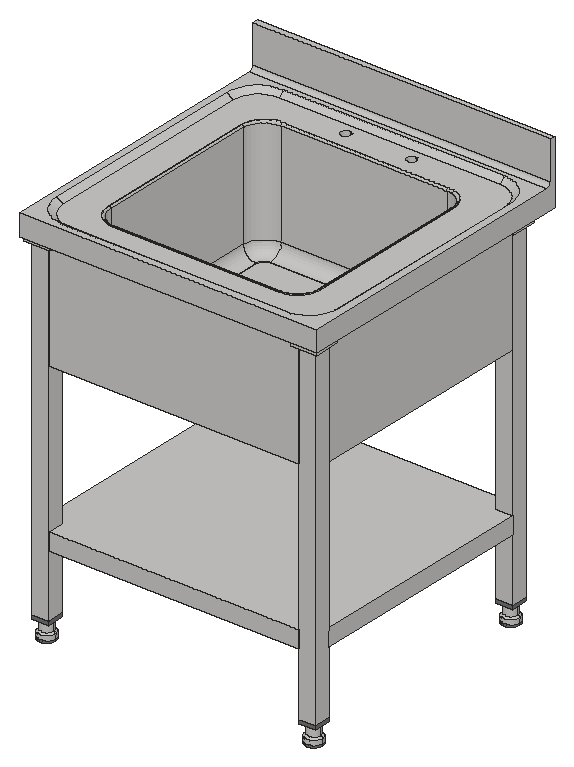
Revit family "QF_ELECTROLUXPROFESSIONAL_134109_LSGLG716E", category Attrezzature speciali, Revit 2020
Family settings
  Quota connettore circolare = Usa diametro
  Tipo di parte = Normale
  Basato su piano di lavoro = No
  Sempre verticale = Sì
  Taglio con vuoti quando caricato = No
  Condiviso = No
  Punto di calcolo locali = No
Parameters (values of type "Standard")
  Weight = 28.00 kg
  Watts = 0 W
  Volts = 0 V
  URL Manufacturer = "https://www.electroluxprofessional.com/"
  URL = "https://www.electroluxprofessional.com/"
  Steam Supply Size = 0 mm
  Steam Supply Minimum Pressure = 0.0 Pa
  Steam Supply Maximum Pressure = 0.0 Pa
  Steam Consumption per Hour = 0
  Refrigeration Suction Line Size = 0.0 mm
  Refrigeration Liquid Line Size = 0.0 mm
  Refrigerant Compressor Remote = yes
  Prospetto di default = 0.0 mm
  Phase = 0
  Modello = "LSGLG716E"
  Produttore = "Electrolux Professional"
  Length Actual = 700.0 mm  # constant formula
  Item Number = "134109"
  Hot Water Size = 0 mm
  Height Actual = 1000.0 mm  # constant formula
  HP = "0 HP"
  Gas Size = 0 mm
  Gas KW = 0
  Gas Input Pressure = 0 W
  Direct Waste Size = 0 mm
  Descrizione = "SINK UNIT 1 BOWL 700 MM WITH LOWER SHELF"
  Depth Actual = 700.0 mm  # constant formula
  Cycle = 0 Hz
  Condensate Return Size = 0 mm
  Compressed Air Volume = 0.0 L/s
  Compressed Air Size = 0 mm
  Compressed Air Pressure = 0.0 Pa
  Cold Water Size = 0 mm
  Accessory = yes
Reference planes
  plane 1 "Center (Front/Back)": y = 0
  plane 2: z = 0
  plane 3 "Center (Left/Right)": x = 150
  plane 4 "LEFT": x = -200
  plane 5 "RIGHT": x = 500
  plane 6 "BACK": y = 350
  plane 7 "FRONT": y = -350
  plane 8 "Base": z = 850
  plane 9 "TOP": z = 900
  plane 10 "Sink_Base": z = 608
  plane 11 "ScaricoX": x = 300
  plane 12 "ScaricoY": y = 127
  plane 13: z = 441
  plane 14: x = 227.5
  plane 15: y = 270
  plane 16: x = 72.5
Forms (mm)
  Extrusion 1, solid, material "QF_Finishes_Stainless Steel"
    sketch origin (150, 0, 0) x (0, 1, 0) y (0, 0, 1)
      loop
        line (-350, 850) -> (350, 850) -> (350, 1000) -> (337, 1000) -> (337, 910)
        arc (337, 910) -> (334.071, 902.929) -> (327, 900) r 10
        line (327, 900) -> (-350, 900) -> (-350, 850)
    from 350 to -350
  Extrusion 2, void
    sketch origin (0, 0, 900) x (0, 1, 0) y (-1, 0, 0)
      loop
        arc (-214, 100) -> (-252.891, 83.891) -> (-269, 45) r 55
        line (-269, 45) -> (-269, -345)
        arc (-269, -345) -> (-252.874, -383.908) -> (-213.951, -400) r 55
        line (-213.951, -400) -> (176.049, -400)
        arc (176.049, -400) -> (214.908, -383.874) -> (231, -345) r 55
        line (231, -345) -> (231, 45)
        arc (231, 45) -> (214.891, 83.891) -> (176, 100) r 55
        line (176, 100) -> (-214, 100)
    from 0 to -50
  Sweep 3, solid, material "QF_Finishes_Stainless Steel"
    path origin (0, 0, 900) x (0, 1, 0) y (-1, 0, 0)
      loop
        line (176, 100) -> (-214, 100)
        arc (-214, 100) -> (-252.891, 83.891) -> (-269, 45) r 55
        line (-269, 45) -> (-269, -345)
        arc (-269, -345) -> (-252.874, -383.908) -> (-213.951, -400) r 55
        line (-213.951, -400) -> (176.049, -400)
        arc (176.049, -400) -> (214.908, -383.874) -> (231, -345) r 55
        line (231, -345) -> (231, 45)
        arc (231, 45) -> (214.891, 83.891) -> (176, 100) r 55
    profile origin (-100, -19, 900) x (1, 0, 0) y (0, 0, 1)
      loop
        arc (5, -15) -> (3.536, -11.464) -> (0, -10) r 5
        line (0, -10) -> (0, -11.5)
        arc (0, -11.5) -> (2.475, -12.525) -> (3.5, -15) r 3.5
        line (3.5, -15) -> (3.5, -260.5)
        arc (3.5, -260.5) -> (12.726, -282.774) -> (35, -292) r 31.5
        line (35, -292) -> (35, -290.5)
        arc (35, -290.5) -> (13.787, -281.713) -> (5, -260.5) r 30
        line (5, -260.5) -> (5, -15)
  Extrusion 4, solid, material "QF_Finishes_Stainless Steel"
    sketch origin (0, 0, 608) x (0, -1, 0) y (1, 0, 0)
      loop
        arc (-196, -45) -> (-190.142, -59.142) -> (-176, -65) r 20
        line (-176, -65) -> (214, -65)
        arc (214, -65) -> (228.142, -59.142) -> (234, -45) r 20
        line (234, -45) -> (234, 345)
        arc (234, 345) -> (228.132, 359.153) -> (213.97, 365) r 20
        line (213.97, 365) -> (-176.03, 365)
        arc (-176.03, 365) -> (-190.153, 359.132) -> (-196, 345) r 20
        line (-196, 345) -> (-196, -45)
    from 0 to 1.5
  Extrusion 5, void
    sketch origin (0, 0, 608) x (0, -1, 0) y (1, 0, 0)
      loop
        circle (-127, 300) r 28
    from 32.343 to -63.145
  Revolve 6, solid, material "QF_Finishes_White"
    sketch origin (300, 0, 0) x (0, -1, 0) y (0, 0, 1)
      loop
        line (-143.5, 592.617) -> (-143.5, 578.5) -> (-142, 578.5) -> (-142, 593.449) -> (-153.558, 600.671) -> (-153.558, 608) -> (-155.058, 608) -> (-155.058, 599.84) -> (-143.5, 592.617)
      axis (-127, 608) -> (-127, 578.5)
    angle from 0 to 360
  Extrusion 7, void
    sketch origin (0, 0, 608) x (0, -1, 0) y (1, 0, 0)
      loop
        circle (-270, 227.5) r 11.5
      loop
        circle (-270, 72.5) r 11.5
    from 242 to 292
  Blend 8, void
    base sketch origin (0, 0, 900) x (0, 1, 0) y (-1, 0, 0)
      loop
        arc (314.887, 109.887) -> (292.92, 162.92) -> (239.887, 184.887) r 75
        line (239.887, 184.887) -> (-259.887, 184.887)
        arc (-259.887, 184.887) -> (-312.92, 162.92) -> (-334.887, 109.887) r 75
        line (-334.887, 109.887) -> (-334.887, -409.887)
        arc (-334.887, -409.887) -> (-312.92, -462.92) -> (-259.887, -484.887) r 75
        line (-259.887, -484.887) -> (239.887, -484.887)
        arc (239.887, -484.887) -> (292.92, -462.92) -> (314.887, -409.887) r 75
        line (314.887, -409.887) -> (314.887, 109.887)
    top sketch origin (0, 0, 900) x (0, 1, 0) y (-1, 0, 0)
      loop
        arc (299.887, 109.887) -> (282.313, 152.313) -> (239.887, 169.887) r 60
        line (239.887, 169.887) -> (-259.887, 169.887)
        arc (-259.887, 169.887) -> (-302.313, 152.313) -> (-319.887, 109.887) r 60
        line (-319.887, 109.887) -> (-319.887, -409.887)
        arc (-319.887, -409.887) -> (-302.313, -452.313) -> (-259.887, -469.887) r 60
        line (-259.887, -469.887) -> (239.887, -469.887)
        arc (239.887, -469.887) -> (282.313, -452.313) -> (299.887, -409.887) r 60
        line (299.887, -409.887) -> (299.887, 109.887)
    from 0 to -10
Cuts and joins
  Extrusion 2, Extrusion 7, Blend 8 cuts Extrusion 1
  Extrusion 5 cuts Extrusion 4
Lines and regions (mm)
  symbolic lines
    curve 1: line (500, 350, 900) -> (-200, 350, 900)
    curve 2: line (-200, 350, 900) -> (-200, -350, 900)
    curve 3: line (-200, -350, 900) -> (500, -350, 900)
    curve 4: line (500, -350, 900) -> (500, 350, 900)
    curve 5: line (500, 337, 900) -> (-200, 337, 900)
    curve 6: line (-109.887, 314.887, 608) -> (409.887, 314.887, 608)
    curve 7: arc (-109.887, 314.887, 608) -> (-162.92, 292.92, 608) -> (-184.887, 239.887, 608) r 75
    curve 8: line (-184.887, -259.887, 608) -> (-184.887, 239.887, 608)
    curve 9: arc (-184.887, -259.887, 608) -> (-162.92, -312.92, 608) -> (-109.887, -334.887, 608) r 75
    curve 10: line (409.887, -334.887, 608) -> (-109.887, -334.887, 608)
    curve 11: arc (409.887, -334.887, 608) -> (462.92, -312.92, 608) -> (484.887, -259.887, 608) r 75
    curve 12: line (484.887, 239.887, 608) -> (484.887, -259.887, 608)
    curve 13: arc (484.887, 239.887, 608) -> (462.92, 292.92, 608) -> (409.887, 314.887, 608) r 75
    curve 14: arc (400, 176.049, 608) -> (383.874, 214.908, 608) -> (345, 231, 608) r 55
    curve 15: line (-45, 231, 608) -> (345, 231, 608)
    curve 16: arc (-45, 231, 608) -> (-83.891, 214.891, 608) -> (-100, 176, 608) r 55
    curve 17: line (-100, -214, 608) -> (-100, 176, 608)
    curve 18: arc (-100, -214, 608) -> (-83.891, -252.891, 608) -> (-45, -269, 608) r 55
    curve 19: line (345, -269, 608) -> (-45, -269, 608)
    curve 20: arc (345, -269, 608) -> (383.908, -252.874, 608) -> (400, -213.951, 608) r 55
    curve 21: line (400, 176.049, 608) -> (400, -213.951, 608)
    curve 22: line (-45, 196, 608) -> (345, 196, 608)
    curve 23: arc (-45, 196, 608) -> (-59.142, 190.142, 608) -> (-65, 176, 608) r 20
    curve 24: line (-65, -214, 608) -> (-65, 176, 608)
    curve 25: line (345, -234, 608) -> (-45, -234, 608)
    curve 26: arc (-65, -214, 608) -> (-59.142, -228.142, 608) -> (-45, -234, 608) r 20
    curve 27: arc (345, -234, 608) -> (359.153, -228.132, 608) -> (365, -213.97, 608) r 20
    curve 28: line (365, 176.03, 608) -> (365, -213.97, 608)
    curve 29: arc (365, 176.03, 608) -> (359.132, 190.153, 608) -> (345, 196, 608) r 20
    curve 30: circle (300, 127, 608) r 28 normal (0, 0, 1)
    curve 31: circle (300, 127, 608) r 15 normal (0, 0, -1)
    curve 32: circle (72.5, 270, 608) r 11.5 normal (0, 0, 1)
    curve 33: circle (227.5, 270, 608) r 11.5 normal (0, 0, 1)
    curve 34: arc (-109.887, 299.887, 608) -> (-152.313, 282.313, 608) -> (-169.887, 239.887, 608) r 60
    curve 35: line (409.887, 299.887, 608) -> (-109.887, 299.887, 608)
    curve 36: line (-169.887, 239.887, 608) -> (-169.887, -259.887, 608)
    curve 37: arc (-169.887, -259.887, 608) -> (-152.313, -302.313, 608) -> (-109.887, -319.887, 608) r 60
    curve 38: line (-109.887, -319.887, 608) -> (409.887, -319.887, 608)
    curve 39: arc (409.887, -319.887, 608) -> (452.313, -302.313, 608) -> (469.887, -259.887, 608) r 60
    curve 40: line (469.887, -259.887, 608) -> (469.887, 239.887, 608)
    curve 41: arc (469.887, 239.887, 608) -> (452.313, 282.313, 608) -> (409.887, 299.887, 608) r 60
Dimensions and locks
  plane 4 "LEFT" to plane 5 "RIGHT" = 700.0 mm
  equal spacing: plane 4 "LEFT", plane 3 "Center (Left/Right)", plane 5 "RIGHT"
  locked: plane 8 "Base" to level at 850
  locked: Extrusion 1 to level at 1000
  plane 9 "TOP" to level = 900.0 mm
  plane 6 "BACK" to plane 7 "FRONT" = 700.0 mm
  equal spacing: plane 6 "BACK", plane 1 "Center (Front/Back)", plane 7 "FRONT"
  plane 10 "Sink_Base" to level = 608.0 mm
  locked: plane 6 "BACK" to plane 12 "ScaricoY" at 223
  locked: plane 11 "ScaricoX" to plane 5 "RIGHT" at 200
  plane 13 to level = 441.0 mm
  plane 6 "BACK" to plane 15 = 80.0 mm
  plane 16 to plane 14 = 155.0 mm
  equal spacing: plane 16, plane 3 "Center (Left/Right)", plane 14
  aligned and locked: level to plane 2
  aligned and locked: Extrusion 1 to plane 4 "LEFT"
  aligned and locked: plane 5 "RIGHT" to Extrusion 1
  aligned and locked: curve 2 to plane 4 "LEFT"
Automatic sketch dimensions
  Extrusion 1 sketch curve to plane 7 "FRONT" = 0.0 mm
  Extrusion 1 sketch curve to plane 9 "TOP" = 0.0 mm
  Extrusion 1 sketch curve to plane 6 "BACK" = 0.0 mm
  Extrusion 1 sketch curve to plane 8 "Base" = 0.0 mm
  plane 9 "TOP" to Extrusion 1 sketch curve = 10.0 mm
  Extrusion 1 sketch curve to plane 6 "BACK" = 13.0 mm
  Extrusion 1 sketch curve to Extrusion 1 sketch curve = 90.0 mm
  curve 3 to plane 7 "FRONT" = 0.0 mm
  curve 5 to plane 5 "RIGHT" = 0.0 mm
  curve 4 to plane 6 "BACK" = 0.0 mm
  curve 5 to plane 6 "BACK" = 13.0 mm
  Extrusion 2 sketch curve to Extrusion 2 sketch curve = 55.0 mm  (x4)
  Extrusion 2 sketch curve to Extrusion 2 sketch curve = 0.0 mm  (x5)
  Sweep 3 sketch curve to Sweep 3 sketch curve = 55.0 mm  (x3)
  Sweep 3 sketch curve to Sweep 3 sketch curve = 0.049 mm  (x2)
  Sweep 3 sketch curve to Sweep 3 sketch curve = 0.0 mm  (x4)
  profile plane to Sweep 3 sketch curve = 0.0 mm
  Sweep 3 sketch curve to profile plane = 3.5 mm
  Sweep 3 sketch curve to Sweep 3 sketch curve = 1.5 mm
  Sweep 3 sketch curve to Sweep 3 sketch curve = 30.0 mm
  Sweep 3 sketch curve to plane 9 "TOP" = 260.5 mm
  Sweep 3 sketch curve to plane 9 "TOP" = 15.0 mm
  Extrusion 4 sketch curve to Extrusion 4 sketch curve = 19.97 mm
  Extrusion 4 sketch curve to Extrusion 4 sketch curve = 20.0 mm  (x4)
  Extrusion 4 sketch curve to Extrusion 4 sketch curve = 0.03 mm  (x2)
  Extrusion 4 sketch curve to Extrusion 4 sketch curve = 0.0 mm  (x2)
  Extrusion 5 sketch curve to plane 11 "ScaricoX" = 0.0 mm
  Extrusion 5 sketch curve to plane 12 "ScaricoY" = 0.0 mm
  Revolve 6 sketch curve to plane 12 "ScaricoY" = 0.0 mm
  plane 12 "ScaricoY" to Revolve 6 sketch curve = 15.0 mm
  Revolve 6 sketch curve to Revolve 6 sketch curve = 1.5 mm  (x2)
  plane 10 "Sink_Base" to Revolve 6 sketch curve = 7.329 mm
  Revolve 6 sketch curve to Revolve 6 sketch curve = 10.058 mm
  plane 10 "Sink_Base" to Revolve 6 sketch curve = 8.16 mm
  Revolve 6 sketch curve to Revolve 6 sketch curve = 7.222 mm
  Revolve 6 sketch curve to Revolve 6 sketch curve = 0.831 mm
  Revolve 6 sketch curve to Revolve 6 sketch curve = 14.117 mm
  Revolve 6 sketch curve to Revolve 6 sketch curve = 24.0 mm
  Revolve 6 sketch curve to plane 10 "Sink_Base" = 0.0 mm
  Revolve 6 sketch curve to plane 10 "Sink_Base" = 26.5 mm
  Extrusion 7 sketch curve to plane 15 = 0.0 mm  (x2)
  Extrusion 7 sketch curve to plane 14 = 0.0 mm
  Extrusion 7 sketch curve to plane 16 = 0.0 mm
  curve 16 to curve 23 = 0.0 mm  (x3)
  curve 6 to plane 6 "BACK" = 35.113 mm
  plane 4 "LEFT" to curve 8 = 15.113 mm
  curve 16 to curve 22 = 35.0 mm
  plane 12 "ScaricoY" to curve 21 = 49.049 mm
  curve 22 to curve 16 = 20.0 mm
  curve 22 to curve 14 = 20.0 mm
  curve 20 to plane 11 "ScaricoX" = 45.0 mm
  curve 21 to curve 20 = 0.049 mm
  curve 20 to curve 11 = 45.936 mm
  plane 7 "FRONT" to curve 10 = 15.113 mm
  curve 9 to curve 17 = 9.887 mm
  curve 14 to plane 11 "ScaricoX" = 45.0 mm  (x2)
  curve 24 to curve 18 = 0.0 mm
  curve 15 to curve 14 = 0.0 mm
  curve 22 to curve 14 = 0.0 mm
  curve 18 to curve 26 = 0.0 mm
  curve 25 to curve 20 = 0.0 mm
  curve 27 to curve 20 = 0.03 mm
  curve 28 to curve 14 = 0.03 mm
  curve 14 to curve 29 = 0.0 mm  (x3)
  curve 29 to curve 22 = 0.0 mm
  plane 7 "FRONT" to Blend 8 sketch curve = 15.113 mm
  plane 4 "LEFT" to Blend 8 sketch curve = 15.113 mm
  Blend 8 sketch curve to plane 5 "RIGHT" = 15.113 mm
  Blend 8 sketch curve to plane 6 "BACK" = 35.113 mm
  plane 15 to Blend 8 sketch curve = 29.887 mm
  curve 7 to curve 34 = 0.0 mm  (x3)
  curve 30 to curve 31 = 0.0 mm  (x2)
  curve 32 to plane 15 = 0.0 mm
  curve 33 to plane 14 = 0.0 mm
  curve 33 to plane 15 = 0.0 mm
  curve 30 to plane 11 "ScaricoX" = 0.0 mm
  curve 30 to plane 12 "ScaricoY" = 0.0 mm
  curve 32 to plane 16 = 0.0 mm
  curve 6 to curve 35 = 15.0 mm
  curve 9 to curve 37 = 0.0 mm  (x2)
  curve 11 to curve 39 = 0.0 mm  (x3)
  curve 40 to curve 12 = 0.0 mm
  Extrusion 2 sketch curve to Extrusion 2 sketch curve = 0.049 mm
  Extrusion 2 sketch curve to plane 11 "ScaricoX" = 45.0 mm
  Sweep 3 sketch curve to plane 11 "ScaricoX" = 45.0 mm
  Extrusion 4 sketch curve to plane 11 "ScaricoX" = 45.0 mm
  curve 14 to curve 41 = 9.887 mm
  Blend 8 sketch curve to plane 5 "RIGHT" = 90.113 mm
  plane 16 to Extrusion 2 sketch curve = 117.5 mm  (x2)
  plane 16 to Sweep 3 sketch curve = 117.5 mm
  plane 16 to Extrusion 4 sketch curve = 117.5 mm
  plane 4 "LEFT" to Blend 8 sketch curve = 90.113 mm
  plane 7 "FRONT" to Extrusion 2 sketch curve = 136.049 mm
  plane 7 "FRONT" to Sweep 3 sketch curve = 136.049 mm
  plane 7 "FRONT" to Extrusion 4 sketch curve = 136.03 mm
  curve 13 to curve 41 = 0.0 mm  (x2)
  curve 20 to curve 27 = 0.0 mm
  curve 21 to curve 39 = 105.936 mm
  curve 26 to curve 38 = 105.887 mm
  curve 18 to curve 25 = 20.0 mm
  curve 18 to curve 36 = 45.887 mm
  plane 7 "FRONT" to Blend 8 sketch curve = 90.113 mm  (x4)
  plane 7 "FRONT" to Blend 8 sketch curve = 30.113 mm
  plane 12 "ScaricoY" to Extrusion 2 sketch curve = 49.0 mm  (x2)
  plane 12 "ScaricoY" to Sweep 3 sketch curve = 49.0 mm  (x2)
  Sweep 3 sketch curve to plane 15 = 39.0 mm
  plane 12 "ScaricoY" to Extrusion 4 sketch curve = 49.0 mm
  curve 41 to plane 15 = 30.113 mm
  curve 36 to plane 15 = 30.113 mm
  curve 15 to plane 15 = 39.0 mm
  Blend 8 sketch curve to plane 15 = 30.113 mm  (x4)
  radius of Extrusion 5 sketch curve = 28.0 mm
  radius of Extrusion 7 sketch curve = 11.5 mm  (x2)
  radius of curve 30 = 28.0 mm
  radius of curve 31 = 15.0 mm
  radius of curve 32 = 11.5 mm
  radius of curve 33 = 11.5 mm
Nested families
  nested 1: "TAV_W700_CASS_LOWSHELF" at (0, 0, 0), type "TAV_W700_CASS_LOWSHELF"
Connectors
  piping at (300, 127, 578.5), diameter 30
    settings: on Revolve 6, index 1, connector inside diameter 609.6 mm, connector length 0.0 mm, flow factor 0, pipe flow 0.0 L/s, pressure drop 0.0 Pa, fitting loss kfactor 0, connector angle 0.00°, fixture units 0, engagement length 0.0 mm, angle of deflection 0.00°, flow configuration 1, flow direction 2, fitting loss method 0, system type 16, joint type 0, gender type 0, connector reference index -1, connector utility 0, adjustable connector no, is connector primary yes, connector description "Drain"
Definition of nested family "TAV_W700_CASS_LOWSHELF"
  Parameters
    Default Elevation = 0.0 mm
    Model = "TAV_W700_CASS_LOWSHELF"
    Manufacturer = "Electrolux Professional"
    Description = ""
  Reference planes
    plane 1 "Center (Front/Back)": y = 0
    plane 2: z = 0
    plane 3 "Center (Left/Right)": x = 150
    plane 4 "LEFT": x = -200
    plane 5 "RIGHT": x = 500
    plane 6 "BACK": y = 350
    plane 7 "FRONT": y = -350
    plane 8 "Base": z = 850
    plane 9 "TOP": z = 900
    plane 10: x = -164.5
    plane 11: x = 464.5
    plane 12: y = 265.5
    plane 13: y = -314.5
    plane 14: x = -144.5
    plane 15: x = 444.5
    plane 16 "RIPIANO": z = 200
  Forms (mm)
    Extrusion 1, solid
      sketch origin (0, 0.5, 850) x (0, 1, 0) y (-1, 0, 0)
        loop
          line (245, 184.5) -> (-295, 184.5) -> (-295, 183) -> (245, 183) -> (245, 184.5)
        loop
          line (-295, -484.5) -> (285, -484.5) -> (285, -483) -> (-295, -483) -> (-295, -484.5)
        loop
          line (-335, 144.5) -> (-335, -444.5) -> (-333.5, -444.5) -> (-333.5, 144.5) -> (-335, 144.5)
      from -10 to -260
    Extrusion 2, solid
      sketch origin (0, 0, 200) x (0, 1, 0) y (-1, 0, 0)
        loop
          line (-294.5, 184.5) -> (-294.5, 144.5) -> (-334.5, 144.5) -> (-334.5, -444.5) -> (-294.5, -444.5) -> (-294.5, -484.5) -> (245.5, -484.5) -> (245.5, -444.5) -> (285.5, -444.5) -> (285.5, 144.5) -> (245.5, 144.5) -> (245.5, 184.5) -> (-294.5, 184.5)
      from 0 to 40
    Extrusion 3, solid
      sketch origin (-4.534, 0, 850) x (0, 1, 0) y (-1, 0, 0)
        loop
          line (235.5, 179.966) -> (-284.5, 179.966) -> (-284.5, 139.966) -> (235.5, 139.966) -> (235.5, 179.966)
        loop
          line (-334.506, 129.966) -> (-334.506, -439.034) -> (-294.506, -439.034) -> (-294.506, 129.966) -> (-334.506, 129.966)
        loop
          line (-284.5, -489.034) -> (235.5, -489.034) -> (235.5, -449.034) -> (-284.5, -449.034) -> (-284.5, -489.034)
        loop
          line (285.5, 129.966) -> (245.5, 129.966) -> (245.5, -439.034) -> (285.5, -439.034) -> (285.5, 129.966)
      from 0 to -10
  Lines and regions (mm)
    symbolic lines, detail levels coarse
      curve 1: line (-200, 350, 200) -> (500, 350, 200)
      curve 2: line (-200, -350, 200) -> (-200, 350, 200)
      curve 3: line (500, -350, 200) -> (-200, -350, 200)
      curve 4: line (500, 350, 200) -> (500, -350, 200)
  Dimensions and locks
    plane 4 "LEFT" to plane 5 "RIGHT" = 700.0 mm
    equal spacing: plane 4 "LEFT", plane 3 "Center (Left/Right)", plane 5 "RIGHT"
    locked: plane 8 "Base" to level at 850
    plane 4 "LEFT" to plane 10 = 35.5 mm
    plane 11 to plane 5 "RIGHT" = 35.5 mm
    plane 10 to plane 11 = 629.0 mm
    plane 9 "TOP" to level = 900.0 mm
    plane 6 "BACK" to plane 12 = 84.5 mm
    plane 13 to plane 7 "FRONT" = 35.5 mm
    plane 6 "BACK" to plane 7 "FRONT" = 700.0 mm
    plane 12 to plane 13 = 580.0 mm
    equal spacing: plane 6 "BACK", plane 1 "Center (Front/Back)", plane 7 "FRONT"
    locked: plane 14 to plane 4 "LEFT" at 55.5
    locked: plane 5 "RIGHT" to plane 15 at 55.5
    plane 16 "RIPIANO" to level = 200.0 mm
    plane 2 to plane 16 "RIPIANO" to plane 8 "Base" = 200.0 mm, 650.0 mm
    aligned and locked: level to plane 2
    aligned and locked: plane 10 to nested 1
    aligned and locked: nested 1 to plane 13
    aligned and locked: plane 11 to nested 2
    aligned and locked: nested 2 to plane 13
    aligned and locked: plane 11 to nested 4
    aligned and locked: nested 4 to plane 12
    aligned and locked: plane 10 to nested 3
    aligned and locked: nested 3 to plane 12
    aligned and locked: plane 14 to Extrusion 1 sketch curve
    aligned and locked: Extrusion 1 sketch curve to plane 15
    aligned and locked: Extrusion 1 to Extrusion 3
  Automatic sketch dimensions
    plane 7 "FRONT" to Extrusion 1 sketch curve = 15.5 mm
    plane 13 to Extrusion 1 sketch curve = 20.0 mm  (x2)
    plane 4 "LEFT" to Extrusion 1 sketch curve = 15.5 mm
    Extrusion 1 sketch curve to plane 5 "RIGHT" = 15.5 mm
    Extrusion 1 sketch curve to Extrusion 1 sketch curve = 1.5 mm  (x3)
    Extrusion 1 sketch curve to plane 6 "BACK" = 104.5 mm
    Extrusion 1 sketch curve to plane 6 "BACK" = 64.5 mm
    Extrusion 2 sketch curve to plane 14 = 0.0 mm  (x2)
    Extrusion 2 sketch curve to plane 15 = 0.0 mm  (x2)
    plane 7 "FRONT" to Extrusion 2 sketch curve = 15.5 mm
    plane 13 to Extrusion 2 sketch curve = 20.0 mm  (x2)
    Extrusion 2 sketch curve to plane 12 = 20.0 mm  (x2)
    Extrusion 2 sketch curve to plane 6 "BACK" = 64.5 mm
    plane 4 "LEFT" to Extrusion 2 sketch curve = 15.5 mm
    Extrusion 2 sketch curve to plane 5 "RIGHT" = 15.5 mm
    plane 15 to Extrusion 3 sketch curve = 10.0 mm  (x2)
    plane 7 "FRONT" to Extrusion 3 sketch curve = 15.494 mm
    plane 13 to Extrusion 3 sketch curve = 19.994 mm
    Extrusion 3 sketch curve to plane 5 "RIGHT" = 15.5 mm
    plane 13 to Extrusion 3 sketch curve = 30.0 mm  (x2)
    Extrusion 3 sketch curve to plane 14 = 0.0 mm
    Extrusion 3 sketch curve to plane 12 = 30.0 mm  (x2)
    Extrusion 3 sketch curve to plane 12 = 20.0 mm
    plane 12 to Extrusion 3 sketch curve = 20.0 mm
    Extrusion 3 sketch curve to plane 15 = 0.0 mm
    Extrusion 3 sketch curve to plane 14 = 10.0 mm  (x2)
    Extrusion 3 sketch curve to plane 10 = 20.0 mm
    curve 3 to plane 4 "LEFT" = 0.0 mm
    curve 3 to plane 7 "FRONT" = 0.0 mm
    curve 2 to plane 6 "BACK" = 0.0 mm
    curve 1 to plane 5 "RIGHT" = 0.0 mm
  Nested families
    nested 1: "FEET_40x40_TAV" at (-164.5, -314.5, 0), type "FEET_40x40_TAV"
    nested 2: "FEET_40x40_TAV" at (464.5, -314.5, 0), type "FEET_40x40_TAV"
    nested 3: "FEET_40x40_TAV" at (-164.5, 265.5, 0), type "FEET_40x40_TAV"
    nested 4: "FEET_40x40_TAV" at (464.5, 265.5, 0), type "FEET_40x40_TAV"
  Definition of nested family "FEET_40x40_TAV"
    Parameters
      Default Elevation = 0.0 mm
      FEET = 850.0 mm
    Reference planes
      plane 1 "Center (Front/Back)": y = 0
      plane 2: z = 0
      plane 3 "Center (Left/Right)": x = 0
      plane 4: z = 850
    Forms (mm)
      Extrusion 1, solid
        sketch origin (0, 0, 0) x (1, 0, 0) y (0, 1, 0)
          loop
            line (-20, -20) -> (20, -20) -> (20, 20) -> (-20, 20) -> (-20, -20)
        from 50 to 840
      Extrusion 2, solid
        sketch origin (0, 0, 0) x (1, 0, 0) y (0, 1, 0)
          loop
            circle (0, 0) r 20
        from 0 to 5
      Extrusion 3, solid
        sketch origin (0, 0, 0) x (1, 0, 0) y (0, 1, 0)
          loop
            line (30, 30) -> (-30, 30) -> (-30, -30) -> (30, -30) -> (30, 30)
        from 840 to 850
      Extrusion 4, solid
        sketch origin (0, 0, 0) x (1, 0, 0) y (0, 1, 0)
          loop
            line (-20, -20) -> (20, -20) -> (20, 20) -> (-20, 20) -> (-20, -20)
        from 50 to 42
      Revolve 5, solid
        sketch origin (0, 0, 0) x (1, 0, 0) y (0, 0, 1)
          loop
            line (0, 42) -> (-15, 42) -> (-15, 20) -> (-20, 15) -> (-20, 5) -> (0, 5) -> (0, 42)
          axis (0, 42) -> (0, 5)
        angle from 0 to 360
    Lines and regions (mm)
      symbolic lines
        curve 1: line (0, -1.503, 0) -> (0, 1.508, 0)
        curve 2: line (1.561, 0, 0) -> (-1.439, 0, 0)
    Dimensions and locks
      "FEET": plane 4 to plane 2
      aligned and locked: level to plane 2
    Automatic sketch dimensions
      plane 1 "Center (Front/Back)" to curve 2 = 0.0 mm
      curve 1 to plane 3 "Center (Left/Right)" = 0.0 mm
      curve 2 to plane 3 "Center (Left/Right)" = 1.439 mm
      plane 3 "Center (Left/Right)" to curve 2 = 1.561 mm
      plane 1 "Center (Front/Back)" to curve 1 = 1.503 mm
      curve 1 to plane 1 "Center (Front/Back)" = 1.508 mm
      Extrusion 1 sketch curve to plane 3 "Center (Left/Right)" = 20.0 mm
      plane 3 "Center (Left/Right)" to Extrusion 1 sketch curve = 20.0 mm
      plane 1 "Center (Front/Back)" to Extrusion 1 sketch curve = 20.0 mm
      Extrusion 1 sketch curve to plane 1 "Center (Front/Back)" = 20.0 mm
      plane 1 "Center (Front/Back)" to Extrusion 2 sketch curve = 0.0 mm
      Extrusion 2 sketch curve to plane 3 "Center (Left/Right)" = 0.0 mm
      Extrusion 3 sketch curve to plane 3 "Center (Left/Right)" = 30.0 mm
      plane 3 "Center (Left/Right)" to Extrusion 3 sketch curve = 30.0 mm
      plane 1 "Center (Front/Back)" to Extrusion 3 sketch curve = 30.0 mm
      Extrusion 3 sketch curve to plane 1 "Center (Front/Back)" = 30.0 mm
      Extrusion 4 sketch curve to plane 3 "Center (Left/Right)" = 20.0 mm
      plane 3 "Center (Left/Right)" to Extrusion 4 sketch curve = 20.0 mm
      plane 1 "Center (Front/Back)" to Extrusion 4 sketch curve = 20.0 mm
      Extrusion 4 sketch curve to plane 1 "Center (Front/Back)" = 20.0 mm
      Revolve 5 sketch curve to plane 3 "Center (Left/Right)" = 0.0 mm  (x2)
      Revolve 5 sketch curve to plane 3 "Center (Left/Right)" = 15.0 mm
      Revolve 5 sketch curve to Revolve 5 sketch curve = 5.0 mm  (x3)
      level to Revolve 5 sketch curve = 5.0 mm
      Revolve 5 sketch curve to Revolve 5 sketch curve = 10.0 mm
      Revolve 5 sketch curve to Revolve 5 sketch curve = 22.0 mm
      Revolve 5 sketch curve to level = 9.561 mm
      radius of Extrusion 2 sketch curve = 20.0 mm
